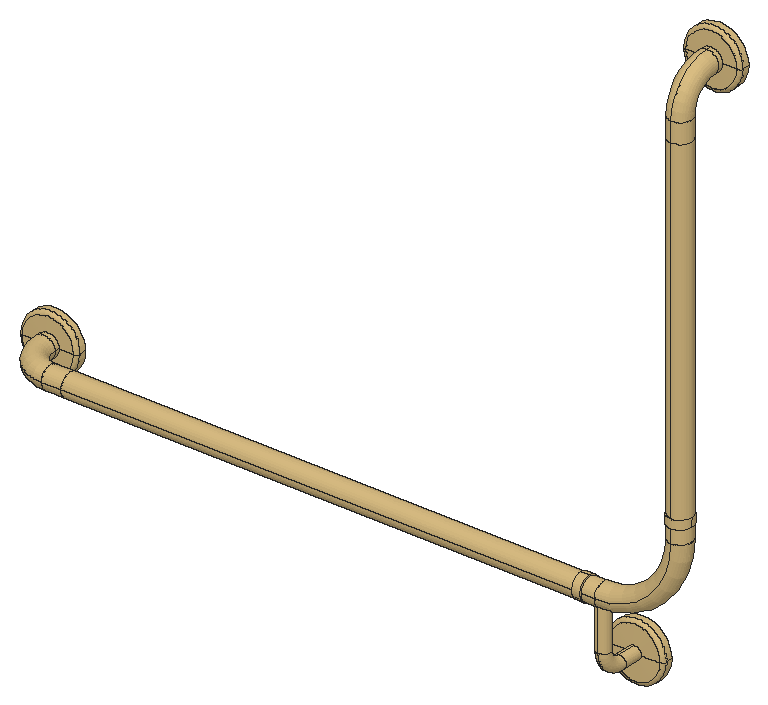
Revit family "RBA4805-901", category Plumbing Fixtures, Revit 2021
Family settings
  Round Connector Dimension = Use Diameter
  Part Type = Normal
  Work Plane-Based = No
  Always vertical = Yes
  Cut with Voids When Loaded = No
  Shared = No
  Room Calculation Point = No
Parameters
  Watermarked By = "www.rba.com.au"
  URL = "www.rba.com.au"
  R_Void [instance] = 15.00 mm
  R [instance] = 0.00 mm
  Phone Number = ""
  Modified Issue = ""
  Model = "RBA4805-901"
  Materials and Finishes = PVD Brushed Brass Stainless Steel
  Manufacturer Model = ""
  Manufacturer = "RBA Group"
  Description = "RTA Brushed Brass Left Hand Single Wall 90° Rail"
  Default Elevation = 0.00 mm
  Copyrighted by = "RBA Group"  # constant formula
  Assembly Code = ""
Reference planes
  plane 1 "Center (Front/Back)": y = 0
  plane 2: z = 0
  plane 3: x = 40.5
  plane 4: x = 990.5
  plane 5: x = 515.5
  plane 6: z = 700
  plane 7: x = 835.5
  plane 8: z = -100
  plane 9: x = 974.5
  plane 10: z = 16
  plane 11: y = -70
  plane 12: y = -86
  plane 13: y = -54
  plane 14: y = -79.5
  plane 15: y = -60.5
  plane 16: z = -130
  plane 17: z = -70
  plane 18: x = 910.5
  plane 19: x = 850.5
  plane 20: z = -30
  plane 21: z = 30
  plane 22: x = 70.5
  plane 23: x = 10.5
  plane 24: z = 670
  plane 25: z = 730
  plane 26: x = 960.5
  plane 27: x = 1020.5
Forms (mm)
  Revolve 1, solid, material "PVD Brushed Brass Stainless Steel" <- "Materials and Finishes"
    sketch origin (40.5, 18.663, 0) x (0, -1, 0) y (1, 0, 0)
      loop
        line (18.663, 0) -> (18.663, -41.5) -> (27.844, -41.5)
        arc (27.844, -41.5) -> (31.337, -40.077) -> (32.842, -36.617) r 5
        line (32.842, -36.617) -> (33.701, 0) -> (18.663, 0)
      axis (18.663, 0) -> (33.701, 0)
    angle from 0 to 360
  Sweep 2, solid, material "PVD Brushed Brass Stainless Steel" <- "Materials and Finishes"
    path origin (40.5, 12.454, 0) x (0, -1, 0) y (-1, 0, 0)
      loop
        line (12.454, 0) -> (34.454, 0)
        arc (34.454, 0) -> (68.395, -14.059) -> (82.454, -48) r 48
        line (82.454, -48) -> (82.454, -76)
    profile origin (40.5, -11, 0) x (1, 0, 0) y (0, 0, 1)
      loop
        circle (0, 0) r 16
  Sweep 3, solid, material "PVD Brushed Brass Stainless Steel" <- "Materials and Finishes"
    path origin (1690.5, 12.454, 700) x (0, -1, 0) y (0, 0, 1)
      loop
        line (12.454, 0) -> (34.454, 0)
        arc (34.454, 0) -> (68.395, -14.059) -> (82.454, -48) r 48
        line (82.454, -48) -> (82.454, -76)
    profile origin (1690.5, -11, 700) x (0, 0, 1) y (-1, 0, 0)
      loop
        circle (0, 700) r 16
  Revolve 4, solid, material "PVD Brushed Brass Stainless Steel" <- "Materials and Finishes"
    sketch origin (990.5, 18.663, 700) x (0, -1, 0) y (1, 0, 0)
      loop
        line (18.663, 0) -> (33.701, 0) -> (32.842, 36.617)
        arc (32.842, 36.617) -> (31.337, 40.077) -> (27.844, 41.5) r 5
        line (27.844, 41.5) -> (18.663, 41.5) -> (18.663, 0)
      axis (18.663, 0) -> (33.701, 0)
    angle from 0 to 360
  Sweep 5, solid, material "PVD Brushed Brass Stainless Steel" <- "Materials and Finishes"
    path origin (0, 0, 0) x (1, 0, 0) y (0, 0, 1)
      loop
        line (116.5, 0) -> (880.5, 0)
        arc (880.5, 0) -> (958.282, 32.218) -> (990.5, 110) r 110
        line (990.5, 110) -> (990.5, 624)
    profile origin (498.5, 0, 0) x (0, 0, 1) y (0, -1, 0)
      loop
        circle (0, 70) r 16
  Revolve 6, solid, material "PVD Brushed Brass Stainless Steel" <- "Materials and Finishes"
    sketch origin (880.5, 18.663, -100) x (0, -1, 0) y (1, 0, 0)
      loop
        line (18.663, 0) -> (18.663, -41.5) -> (27.844, -41.5)
        arc (27.844, -41.5) -> (31.337, -40.077) -> (32.842, -36.617) r 5
        line (32.842, -36.617) -> (33.701, 0) -> (18.663, 0)
      axis (18.663, 0) -> (33.701, 0)
    angle from 0 to 360
  Sweep 7, solid, material "PVD Brushed Brass Stainless Steel" <- "Materials and Finishes"
    path origin (880.5, 12.454, -100) x (0, -1, 0) y (0, 0, -1)
      loop
        line (12.454, 0) -> (54.454, 0)
        arc (54.454, 0) -> (74.253, -8.201) -> (82.454, -28) r 28
        line (82.454, -28) -> (82.454, -100)
    profile origin (880.5, -21, -100) x (0, 0, -1) y (1, 0, 0)
      loop
        circle (0, 0) r 9.5
  Extrusion 8, solid, material "PVD Brushed Brass Stainless Steel" <- "Materials and Finishes"
    sketch origin (0, 0, 0) x (1, 0, 0) y (0, 1, 0)
      loop
        circle (990.5, -70) r 17
    from 142 to 130
  Extrusion 9, solid, material "PVD Brushed Brass Stainless Steel" <- "Materials and Finishes"
    sketch origin (650.5, 0, 990.5) x (0, 0, -1) y (0, 1, 0)
      loop
        circle (990.5, -70) r 17
    from 210 to 198
  Extrusion 10, solid, material "PVD Brushed Brass Stainless Steel" <- "Materials and Finishes"
    sketch origin (788.405, -2.628, 220.6) x (0, 0, -1) y (-1, 0, 0)
      loop
        circle (320.6, -92.095) r 40
    from -0.219 to 2.628
  Extrusion 11, void
    sketch origin (880.5, 34.941, 215.907) x (0, 0, -1) y (-1, 0, 0)
      loop
        circle (315.907, -30) r 5
      loop
        circle (315.907, 30) r 5
    from -37.788 to -30
  Extrusion 12, solid, material "PVD Brushed Brass Stainless Steel" <- "Materials and Finishes"
    sketch origin (-161.743, -2.628, 357.783) x (0, 0, -1) y (-1, 0, 0)
      loop
        circle (357.783, -202.243) r 40
    from -0.219 to 2.628
  Extrusion 13, void
    sketch origin (40.5, 34.941, 315.907) x (0, 0, -1) y (-1, 0, 0)
      loop
        circle (315.907, -30) r 5
      loop
        circle (315.907, 30) r 5
    from -37.788 to -30
  Extrusion 14, solid, material "PVD Brushed Brass Stainless Steel" <- "Materials and Finishes"
    sketch origin (874.118, -2.628, 1036.108) x (0, 0, -1) y (-1, 0, 0)
      loop
        circle (336.108, -116.382) r 40
    from -0.219 to 2.628
  Extrusion 15, void
    sketch origin (990.5, 34.941, 1015.907) x (0, 0, -1) y (-1, 0, 0)
      loop
        circle (315.907, 30) r 5
      loop
        circle (315.907, -30) r 5
    from -37.788 to -30
Cuts and joins
  Extrusion 11, Extrusion 13, Extrusion 15 cuts Revolve 1
  Extrusion 11, Extrusion 13, Extrusion 15 cuts Sweep 2
  Extrusion 11, Extrusion 13, Extrusion 15 cuts Sweep 3
  Extrusion 11, Extrusion 13, Extrusion 15 cuts Revolve 4
  Extrusion 11, Extrusion 13, Extrusion 15 cuts Sweep 5
  Extrusion 11, Extrusion 13, Extrusion 15 cuts Revolve 6
  Extrusion 11, Extrusion 13, Extrusion 15 cuts Sweep 7
  joined: Revolve 1, Sweep 2, Sweep 3, Revolve 4, Sweep 5, Revolve 6, Sweep 7
  Extrusion 11 cuts Extrusion 10
  Extrusion 13 cuts Extrusion 12
  Extrusion 15 cuts Extrusion 14
Dimensions and locks
  Revolve 1 sketch curve to Revolve 1 sketch curve = 41.50 mm
  Revolve 4 sketch curve to Revolve 4 sketch curve = 41.50 mm
  Revolve 6 sketch curve to Revolve 6 sketch curve = 41.50 mm
  level to plane 8 = 100.00 mm
  plane 6 to level = 700.00 mm
  plane 4 to plane 7 = 155.00 mm
  plane 4 to plane 3 = 950.00 mm
  plane 17 to plane 16 = 60.00 mm
  plane 19 to plane 18 = 60.00 mm
  plane 21 to plane 20 = 60.00 mm
  plane 23 to plane 22 = 60.00 mm
  plane 25 to plane 24 = 60.00 mm
  plane 26 to plane 27 = 60.00 mm
  radius of Sweep 2 sketch curve = 16.00 mm
  radius of Sweep 3 sketch curve = 16.00 mm
  radius of Sweep 7 sketch curve = 9.50 mm
